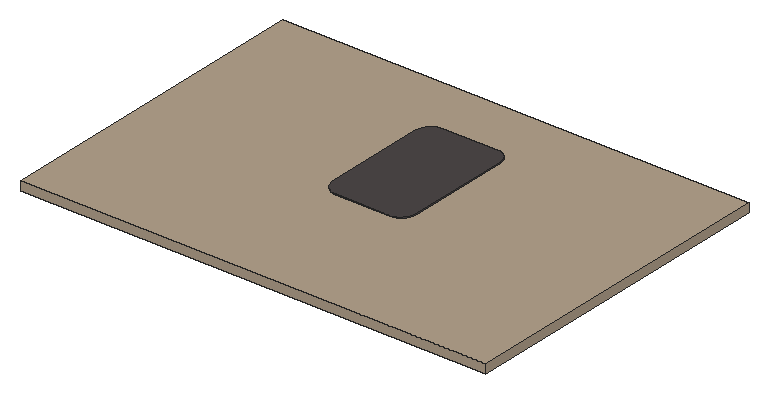
Revit family "console with cutout for bowl with tap hole", category Furniture, Revit 2019 (continued)
Types (40, lengths in mm): name | WEIGHT | SURFACE | SPECIFICATION | PRODUCTURL | PERMALINK | NB | NAME | Model | MIdent | LODLEVEL | LL | LINA | L | GTINCODE | Console 980_550 with cutout in the middle for bowl with tap hole-54121910-DIAMOND_GREY-400_RX0RY0RZ0TX0TY0TZ0_V | Console 980_550 with cutout in the middle for bowl with tap hole-54121910-DIAMOND_GREY-200_RX0RY0RZ0TX0TY0TZ0_V | Console 980_550 with cutout in the middle for bowl with tap hole-54121630-DARK_WALNUT-400_RX0RY0RZ0TX0TY0TZ0_V | Console 980_550 with cutout in the middle for bowl with tap hole-54121630-DARK_WALNUT-200_RX0RY0RZ0TX0TY0TZ0_V | Console 980_550 with cutout in the middle for bowl with tap hole-54121230-GLOSSY_WHITE-400_RX0RY0RZ0TX0TY0TZ0_V | Console 980_550 with cutout in the middle for bowl with tap hole-54121230-GLOSSY_WHITE-200_RX0RY0RZ0TX0TY0TZ0_V | Console 980_550 with cutout in the middle for bowl with tap hole-54121050-NATURAL_OAK-400_RX0RY0RZ0TX0TY0TZ0_V | Console 980_550 with cutout in the middle for bowl with tap hole-54121050-NATURAL_OAK-200_RX0RY0RZ0TX0TY0TZ0_V | Console 780_550 with cutout in the middle for bowls with tap hole-54120910-GLOSSY_WHITE-400_RX0RY0RZ0TX0TY0TZ0_V | Console 780_550 with cutout in the middle for bowls with tap hole-54120910-GLOSSY_WHITE-200_RX0RY0RZ0TX0TY0TZ0_V | Console 780_550 with cutout in the middle for bowls with tap hole-54120630-NATURAL_OAK-400_RX0RY0RZ0TX0TY0TZ0_V | Console 780_550 with cutout in the middle for bowls with tap hole-54120630-NATURAL_OAK-200_RX0RY0RZ0TX0TY0TZ0_V | Console 780_550 with cutout in the middle for bowls with tap hole-54120230-DIAMOND_GREY-400_RX0RY0RZ0TX0TY0TZ0_V | Console 780_550 with cutout in the middle for bowls with tap hole-54120230-DIAMOND_GREY-200_RX0RY0RZ0TX0TY0TZ0_V | Console 780_550 with cutout in the middle for bowls with tap hole-54120050-DARK_WALNUT-400_RX0RY0RZ0TX0TY0TZ0_V | Console 780_550 with cutout in the middle for bowls with tap hole-54120050-DARK_WALNUT-200_RX0RY0RZ0TX0TY0TZ0_V | Console 1360_550 with cutout right for bowl with tap hole-54124910-GLOSSY_WHITE-400_RX0RY0RZ0TX0TY0TZ0_V | Console 1360_550 with cutout right for bowl with tap hole-54124910-GLOSSY_WHITE-200_RX0RY0RZ0TX0TY0TZ0_V | Console 1360_550 with cutout right for bowl with tap hole-54124630-DARK_WALNUT-400_RX0RY0RZ0TX0TY0TZ0_V | Console 1360_550 with cutout right for bowl with tap hole-54124630-DARK_WALNUT-200_RX0RY0RZ0TX0TY0TZ0_V | Console 1360_550 with cutout right for bowl with tap hole-54124230-DIAMOND_GREY-400_RX0RY0RZ0TX0TY0TZ0_V | Console 1360_550 with cutout right for bowl with tap hole-54124230-DIAMOND_GREY-200_RX0RY0RZ0TX0TY0TZ0_V | Console 1360_550 with cutout right for bowl with tap hole-54124050-NATURAL_OAK-400_RX0RY0RZ0TX0TY0TZ0_V | Console 1360_550 with cutout right for bowl with tap hole-54124050-NATURAL_OAK-200_RX0RY0RZ0TX0TY0TZ0_V | Console 1360_550 with cutout left for bowl with tap hole-54123910-DARK_WALNUT-400_RX0RY0RZ0TX0TY0TZ0_V | Console 1360_550 with cutout left for bowl with tap hole-54123910-DARK_WALNUT-200_RX0RY0RZ0TX0TY0TZ0_V | Console 1360_550 with cutout left for bowl with tap hole-54123630-DIAMOND_GREY-400_RX0RY0RZ0TX0TY0TZ0_V | Console 1360_550 with cutout left for bowl with tap hole-54123630-DIAMOND_GREY-200_RX0RY0RZ0TX0TY0TZ0_V | Console 1360_550 with cutout left for bowl with tap hole-54123230-NATURAL_OAK-400_RX0RY0RZ0TX0TY0TZ0_V | Console 1360_550 with cutout left for bowl with tap hole-54123230-NATURAL_OAK-200_RX0RY0RZ0TX0TY0TZ0_V | Console 1360_550 with cutout left for bowl with tap hole-54123050-GLOSSY_WHITE-400_RX0RY0RZ0TX0TY0TZ0_V | Console 1360_550 with cutout left for bowl with tap hole-54123050-GLOSSY_WHITE-200_RX0RY0RZ0TX0TY0TZ0_V | Console 1180_550 with cutout in the middle for bowl with tap hole-54122910-DIAMOND_GREY-400_RX0RY0RZ0TX0TY0TZ0_V | Console 1180_550 with cutout in the middle for bowl with tap hole-54122910-DIAMOND_GREY-200_RX0RY0RZ0TX0TY0TZ0_V | Console 1180_550 with cutout in the middle for bowl with tap hole-54122630-DARK_WALNUT-400_RX0RY0RZ0TX0TY0TZ0_V | Console 1180_550 with cutout in the middle for bowl with tap hole-54122630-DARK_WALNUT-200_RX0RY0RZ0TX0TY0TZ0_V | Console 1180_550 with cutout in the middle for bowl with tap hole-54122230-NATURAL_OAK-400_RX0RY0RZ0TX0TY0TZ0_V | Console 1180_550 with cutout in the middle for bowl with tap hole-54122230-NATURAL_OAK-200_RX0RY0RZ0TX0TY0TZ0_V | Console 1180_550 with cutout in the middle for bowl with tap hole-54122050-GLOSSY_WHITE-400_RX0RY0RZ0TX0TY0TZ0_V | Console 1180_550 with cutout in the middle for bowl with tap hole-54122050-GLOSSY_WHITE-200_RX0RY0RZ0TX0TY0TZ0_V | BASENUMBER | ARTNR
  Console 1180_550 with cutout in the middle for bowl with tap hole-54122050-GLOSSY_WHITE-200 | "14.5" | "GLOSSY_WHITE" | "Surfaces:    - 54122050 High Gloss White  - 54122910 Diamond Matt Grey  - 54122230 Natural Oak  - 54122630 Dark Walnut      Specification:" | "https://pro.hansgrohe.com/articledetail--54122050" | "54122XXX" | "Console 1180/550 with cutout in the middle for bowl with tap hole-54122050-GLOSSY_WHITE-200" | "Xelu Q Console 1180/550 with cutout in the middle for bowl with tap hole" | "Console 1180/550 with cutout in the middle for bowl with tap hole-54122050-GLOSSY_WHITE-200" | "{$CADENAS_DATA/23d-libs/hansgrohe/xelu_furniture/console_with_cutout_for_bowl_with_tap_hole/console_with_cutout_for_bowl_with_taphole.prj},367 {VTYP=3D},{NB=Console 1180/550 with cutout in the middle for bowl with tap hole-54122050-GLOSSY_WHITE-200},{LINA=Console 1180/550 with cutout in the middle for bowl with tap hole-54122050-GLOSSY_WHITE-200},{NN=Console with cutout for bowl with tap hole},{DATE=10.03.2023 08:04:15},{GEOMDATE=08.03.2023 13:10:06},{VERSION=},{LINEID=120},{WBVAR=LODLEVEL},{WBNUMERIC=}  {NB=Console 1180/550 with cutout in the middle for bowl with tap hole-54122050-GLOSSY_WHITE-200},{LINA=Console 1180/550 with cutout in the middle for bowl with tap hole-54122050-GLOSSY_WHITE-200},{KT=DUMMY},{IDNR=12},{ARTNR=54122050},{BASENUMBER=Console 1180/550 with cutout in the middle for bowl with tap hole},{MODEL=54122XXX},{SURFACE=GLOSSY_WHITE},{L=1180},{LODLEVEL=200},{LODLEVELX='400','400','200','200'},{L1=140},{LL=590},{NAME=Xelu Q Console 1180/550 with cutout in the middle for bowl with tap hole},{PERMALINK=54122XXX},{OBJECTTYPE=Object (single object)},{BIMOBJECT=Sanitary: Compound units},{PRODUCTFAMILY=Xelu Q},{PRODUCTGROUP=console},{WEIGHT=14.5},{DESCRIPTION=Xelu Q Console 1180/550 with cutout in the middle for bowl with tap hole},{SPECIFICATION=Surfaces:    - 54122050 High Gloss White  - 54122910 Diamond Matt Grey  - 54122230 Natural Oak  - 54122630 Dark Walnut      Specification:},{PRODUCTURL=https://pro.hansgrohe.com/articledetail--54122050},{GTINCODE=4059625457979},{TENDERURL=},{IFC=Furnishing element},{ETIM=EC011381 | Bathroom furniture set},{UNICLASS2015=Pr_40_20_76_94 | Vanity units},{OMNICLASS=23-19 31 17 11 | Bathroom Units},{MASTERFORMAT=12 35 30.23 | Bathroom Casework},{UNSPSC=56 | Furniture and Furnishings},{UNIFORMATII=E2010 | Fixed Furnishings},{REGIONSET=Worldwide},{DESIGN=Germany},{MANUFACTURER=Germany}" | "200" | 590 | "Console 1180/550 with cutout in the middle for bowl with tap hole-54122050-GLOSSY_WHITE-200" | 1180 | "4059625457979" | no | no | no | no | no | no | no | no | no | no | no | no | no | no | no | no | no | no | no | no | no | no | no | no | no | no | no | no | no | no | no | no | no | no | no | no | no | no | no | yes | "Console 1180/550 with cutout in the middle for bowl with tap hole" | "54122050"
  Console 1180_550 with cutout in the middle for bowl with tap hole-54122050-GLOSSY_WHITE-400 | "14.5" | "GLOSSY_WHITE" | "Surfaces:    - 54122050 High Gloss White  - 54122910 Diamond Matt Grey  - 54122230 Natural Oak  - 54122630 Dark Walnut      Specification:" | "https://pro.hansgrohe.com/articledetail--54122050" | "54122XXX" | "Console 1180/550 with cutout in the middle for bowl with tap hole-54122050-GLOSSY_WHITE-400" | "Xelu Q Console 1180/550 with cutout in the middle for bowl with tap hole" | "Console 1180/550 with cutout in the middle for bowl with tap hole-54122050-GLOSSY_WHITE-400" | "{$CADENAS_DATA/23d-libs/hansgrohe/xelu_furniture/console_with_cutout_for_bowl_with_tap_hole/console_with_cutout_for_bowl_with_taphole.prj},367 {VTYP=3D},{NB=Console 1180/550 with cutout in the middle for bowl with tap hole-54122050-GLOSSY_WHITE-400},{LINA=Console 1180/550 with cutout in the middle for bowl with tap hole-54122050-GLOSSY_WHITE-400},{NN=Console with cutout for bowl with tap hole},{DATE=10.03.2023 08:04:15},{GEOMDATE=08.03.2023 13:10:06},{VERSION=},{LINEID=120},{WBVAR=LODLEVEL},{WBNUMERIC=}  {NB=Console 1180/550 with cutout in the middle for bowl with tap hole-54122050-GLOSSY_WHITE-400},{LINA=Console 1180/550 with cutout in the middle for bowl with tap hole-54122050-GLOSSY_WHITE-400},{KT=DUMMY},{IDNR=12},{ARTNR=54122050},{BASENUMBER=Console 1180/550 with cutout in the middle for bowl with tap hole},{MODEL=54122XXX},{SURFACE=GLOSSY_WHITE},{L=1180},{LODLEVEL=400},{LODLEVELX='400','400','200','200'},{L1=140},{LL=590},{NAME=Xelu Q Console 1180/550 with cutout in the middle for bowl with tap hole},{PERMALINK=54122XXX},{OBJECTTYPE=Object (single object)},{BIMOBJECT=Sanitary: Compound units},{PRODUCTFAMILY=Xelu Q},{PRODUCTGROUP=console},{WEIGHT=14.5},{DESCRIPTION=Xelu Q Console 1180/550 with cutout in the middle for bowl with tap hole},{SPECIFICATION=Surfaces:    - 54122050 High Gloss White  - 54122910 Diamond Matt Grey  - 54122230 Natural Oak  - 54122630 Dark Walnut      Specification:},{PRODUCTURL=https://pro.hansgrohe.com/articledetail--54122050},{GTINCODE=4059625457979},{TENDERURL=},{IFC=Furnishing element},{ETIM=EC011381 | Bathroom furniture set},{UNICLASS2015=Pr_40_20_76_94 | Vanity units},{OMNICLASS=23-19 31 17 11 | Bathroom Units},{MASTERFORMAT=12 35 30.23 | Bathroom Casework},{UNSPSC=56 | Furniture and Furnishings},{UNIFORMATII=E2010 | Fixed Furnishings},{REGIONSET=Worldwide},{DESIGN=Germany},{MANUFACTURER=Germany}" | "400" | 590 | "Console 1180/550 with cutout in the middle for bowl with tap hole-54122050-GLOSSY_WHITE-400" | 1180 | "4059625457979" | no | no | no | no | no | no | no | no | no | no | no | no | no | no | no | no | no | no | no | no | no | no | no | no | no | no | no | no | no | no | no | no | no | no | no | no | no | no | yes | no | "Console 1180/550 with cutout in the middle for bowl with tap hole" | "54122050"
  Console 1180_550 with cutout in the middle for bowl with tap hole-54122230-NATURAL_OAK-200 | "14.5" | "NATURAL_OAK" | "Surfaces:    - 54122050 High Gloss White  - 54122910 Diamond Matt Grey  - 54122230 Natural Oak  - 54122630 Dark Walnut      Specification:" | "https://pro.hansgrohe.com/articledetail--54122050" | "54122XXX" | "Console 1180/550 with cutout in the middle for bowl with tap hole-54122230-NATURAL_OAK-200" | "Xelu Q Console 1180/550 with cutout in the middle for bowl with tap hole" | "Console 1180/550 with cutout in the middle for bowl with tap hole-54122230-NATURAL_OAK-200" | "{$CADENAS_DATA/23d-libs/hansgrohe/xelu_furniture/console_with_cutout_for_bowl_with_tap_hole/console_with_cutout_for_bowl_with_taphole.prj},365 {VTYP=3D},{NB=Console 1180/550 with cutout in the middle for bowl with tap hole-54122230-NATURAL_OAK-200},{LINA=Console 1180/550 with cutout in the middle for bowl with tap hole-54122230-NATURAL_OAK-200},{NN=Console with cutout for bowl with tap hole},{DATE=10.03.2023 08:04:15},{GEOMDATE=08.03.2023 13:10:06},{VERSION=},{LINEID=100},{WBVAR=LODLEVEL},{WBNUMERIC=}  {NB=Console 1180/550 with cutout in the middle for bowl with tap hole-54122230-NATURAL_OAK-200},{LINA=Console 1180/550 with cutout in the middle for bowl with tap hole-54122230-NATURAL_OAK-200},{KT=DUMMY},{IDNR=10},{ARTNR=54122230},{BASENUMBER=Console 1180/550 with cutout in the middle for bowl with tap hole},{MODEL=54122XXX},{SURFACE=NATURAL_OAK},{L=1180},{LODLEVEL=200},{LODLEVELX='400','400','200','200'},{L1=140},{LL=590},{NAME=Xelu Q Console 1180/550 with cutout in the middle for bowl with tap hole},{PERMALINK=54122XXX},{OBJECTTYPE=Object (single object)},{BIMOBJECT=Sanitary: Compound units},{PRODUCTFAMILY=Xelu Q},{PRODUCTGROUP=console},{WEIGHT=14.5},{DESCRIPTION=Xelu Q Console 1180/550 with cutout in the middle for bowl with tap hole},{SPECIFICATION=Surfaces:    - 54122050 High Gloss White  - 54122910 Diamond Matt Grey  - 54122230 Natural Oak  - 54122630 Dark Walnut      Specification:},{PRODUCTURL=https://pro.hansgrohe.com/articledetail--54122050},{GTINCODE=4059625457979},{TENDERURL=},{IFC=Furnishing element},{ETIM=EC011381 | Bathroom furniture set},{UNICLASS2015=Pr_40_20_76_94 | Vanity units},{OMNICLASS=23-19 31 17 11 | Bathroom Units},{MASTERFORMAT=12 35 30.23 | Bathroom Casework},{UNSPSC=56 | Furniture and Furnishings},{UNIFORMATII=E2010 | Fixed Furnishings},{REGIONSET=Worldwide},{DESIGN=Germany},{MANUFACTURER=Germany}" | "200" | 590 | "Console 1180/550 with cutout in the middle for bowl with tap hole-54122230-NATURAL_OAK-200" | 1180 | "4059625457979" | no | no | no | no | no | no | no | no | no | no | no | no | no | no | no | no | no | no | no | no | no | no | no | no | no | no | no | no | no | no | no | no | no | no | no | no | no | yes | no | no | "Console 1180/550 with cutout in the middle for bowl with tap hole" | "54122230"
  Console 1180_550 with cutout in the middle for bowl with tap hole-54122230-NATURAL_OAK-400 | "14.5" | "NATURAL_OAK" | "Surfaces:    - 54122050 High Gloss White  - 54122910 Diamond Matt Grey  - 54122230 Natural Oak  - 54122630 Dark Walnut      Specification:" | "https://pro.hansgrohe.com/articledetail--54122050" | "54122XXX" | "Console 1180/550 with cutout in the middle for bowl with tap hole-54122230-NATURAL_OAK-400" | "Xelu Q Console 1180/550 with cutout in the middle for bowl with tap hole" | "Console 1180/550 with cutout in the middle for bowl with tap hole-54122230-NATURAL_OAK-400" | "{$CADENAS_DATA/23d-libs/hansgrohe/xelu_furniture/console_with_cutout_for_bowl_with_tap_hole/console_with_cutout_for_bowl_with_taphole.prj},365 {VTYP=3D},{NB=Console 1180/550 with cutout in the middle for bowl with tap hole-54122230-NATURAL_OAK-400},{LINA=Console 1180/550 with cutout in the middle for bowl with tap hole-54122230-NATURAL_OAK-400},{NN=Console with cutout for bowl with tap hole},{DATE=10.03.2023 08:04:15},{GEOMDATE=08.03.2023 13:10:06},{VERSION=},{LINEID=100},{WBVAR=LODLEVEL},{WBNUMERIC=}  {NB=Console 1180/550 with cutout in the middle for bowl with tap hole-54122230-NATURAL_OAK-400},{LINA=Console 1180/550 with cutout in the middle for bowl with tap hole-54122230-NATURAL_OAK-400},{KT=DUMMY},{IDNR=10},{ARTNR=54122230},{BASENUMBER=Console 1180/550 with cutout in the middle for bowl with tap hole},{MODEL=54122XXX},{SURFACE=NATURAL_OAK},{L=1180},{LODLEVEL=400},{LODLEVELX='400','400','200','200'},{L1=140},{LL=590},{NAME=Xelu Q Console 1180/550 with cutout in the middle for bowl with tap hole},{PERMALINK=54122XXX},{OBJECTTYPE=Object (single object)},{BIMOBJECT=Sanitary: Compound units},{PRODUCTFAMILY=Xelu Q},{PRODUCTGROUP=console},{WEIGHT=14.5},{DESCRIPTION=Xelu Q Console 1180/550 with cutout in the middle for bowl with tap hole},{SPECIFICATION=Surfaces:    - 54122050 High Gloss White  - 54122910 Diamond Matt Grey  - 54122230 Natural Oak  - 54122630 Dark Walnut      Specification:},{PRODUCTURL=https://pro.hansgrohe.com/articledetail--54122050},{GTINCODE=4059625457979},{TENDERURL=},{IFC=Furnishing element},{ETIM=EC011381 | Bathroom furniture set},{UNICLASS2015=Pr_40_20_76_94 | Vanity units},{OMNICLASS=23-19 31 17 11 | Bathroom Units},{MASTERFORMAT=12 35 30.23 | Bathroom Casework},{UNSPSC=56 | Furniture and Furnishings},{UNIFORMATII=E2010 | Fixed Furnishings},{REGIONSET=Worldwide},{DESIGN=Germany},{MANUFACTURER=Germany}" | "400" | 590 | "Console 1180/550 with cutout in the middle for bowl with tap hole-54122230-NATURAL_OAK-400" | 1180 | "4059625457979" | no | no | no | no | no | no | no | no | no | no | no | no | no | no | no | no | no | no | no | no | no | no | no | no | no | no | no | no | no | no | no | no | no | no | no | no | yes | no | no | no | "Console 1180/550 with cutout in the middle for bowl with tap hole" | "54122230"
  Console 1180_550 with cutout in the middle for bowl with tap hole-54122630-DARK_WALNUT-200 | "14.5" | "DARK_WALNUT" | "Surfaces:    - 54122050 High Gloss White  - 54122910 Diamond Matt Grey  - 54122230 Natural Oak  - 54122630 Dark Walnut      Specification:" | "https://pro.hansgrohe.com/articledetail--54122050" | "54122XXX" | "Console 1180/550 with cutout in the middle for bowl with tap hole-54122630-DARK_WALNUT-200" | "Xelu Q Console 1180/550 with cutout in the middle for bowl with tap hole" | "Console 1180/550 with cutout in the middle for bowl with tap hole-54122630-DARK_WALNUT-200" | "{$CADENAS_DATA/23d-libs/hansgrohe/xelu_furniture/console_with_cutout_for_bowl_with_tap_hole/console_with_cutout_for_bowl_with_taphole.prj},364 {VTYP=3D},{NB=Console 1180/550 with cutout in the middle for bowl with tap hole-54122630-DARK_WALNUT-200},{LINA=Console 1180/550 with cutout in the middle for bowl with tap hole-54122630-DARK_WALNUT-200},{NN=Console with cutout for bowl with tap hole},{DATE=10.03.2023 08:04:15},{GEOMDATE=08.03.2023 13:10:06},{VERSION=},{LINEID=90},{WBVAR=LODLEVEL},{WBNUMERIC=}  {NB=Console 1180/550 with cutout in the middle for bowl with tap hole-54122630-DARK_WALNUT-200},{LINA=Console 1180/550 with cutout in the middle for bowl with tap hole-54122630-DARK_WALNUT-200},{KT=DUMMY},{IDNR=9},{ARTNR=54122630},{BASENUMBER=Console 1180/550 with cutout in the middle for bowl with tap hole},{MODEL=54122XXX},{SURFACE=DARK_WALNUT},{L=1180},{LODLEVEL=200},{LODLEVELX='400','400','200','200'},{L1=140},{LL=590},{NAME=Xelu Q Console 1180/550 with cutout in the middle for bowl with tap hole},{PERMALINK=54122XXX},{OBJECTTYPE=Object (single object)},{BIMOBJECT=Sanitary: Compound units},{PRODUCTFAMILY=Xelu Q},{PRODUCTGROUP=console},{WEIGHT=14.5},{DESCRIPTION=Xelu Q Console 1180/550 with cutout in the middle for bowl with tap hole},{SPECIFICATION=Surfaces:    - 54122050 High Gloss White  - 54122910 Diamond Matt Grey  - 54122230 Natural Oak  - 54122630 Dark Walnut      Specification:},{PRODUCTURL=https://pro.hansgrohe.com/articledetail--54122050},{GTINCODE=4059625457979},{TENDERURL=},{IFC=Furnishing element},{ETIM=EC011381 | Bathroom furniture set},{UNICLASS2015=Pr_40_20_76_94 | Vanity units},{OMNICLASS=23-19 31 17 11 | Bathroom Units},{MASTERFORMAT=12 35 30.23 | Bathroom Casework},{UNSPSC=56 | Furniture and Furnishings},{UNIFORMATII=E2010 | Fixed Furnishings},{REGIONSET=Worldwide},{DESIGN=Germany},{MANUFACTURER=Germany}" | "200" | 590 | "Console 1180/550 with cutout in the middle for bowl with tap hole-54122630-DARK_WALNUT-200" | 1180 | "4059625457979" | no | no | no | no | no | no | no | no | no | no | no | no | no | no | no | no | no | no | no | no | no | no | no | no | no | no | no | no | no | no | no | no | no | no | no | yes | no | no | no | no | "Console 1180/550 with cutout in the middle for bowl with tap hole" | "54122630"
  Console 1180_550 with cutout in the middle for bowl with tap hole-54122630-DARK_WALNUT-400 | "14.5" | "DARK_WALNUT" | "Surfaces:    - 54122050 High Gloss White  - 54122910 Diamond Matt Grey  - 54122230 Natural Oak  - 54122630 Dark Walnut      Specification:" | "https://pro.hansgrohe.com/articledetail--54122050" | "54122XXX" | "Console 1180/550 with cutout in the middle for bowl with tap hole-54122630-DARK_WALNUT-400" | "Xelu Q Console 1180/550 with cutout in the middle for bowl with tap hole" | "Console 1180/550 with cutout in the middle for bowl with tap hole-54122630-DARK_WALNUT-400" | "{$CADENAS_DATA/23d-libs/hansgrohe/xelu_furniture/console_with_cutout_for_bowl_with_tap_hole/console_with_cutout_for_bowl_with_taphole.prj},364 {VTYP=3D},{NB=Console 1180/550 with cutout in the middle for bowl with tap hole-54122630-DARK_WALNUT-400},{LINA=Console 1180/550 with cutout in the middle for bowl with tap hole-54122630-DARK_WALNUT-400},{NN=Console with cutout for bowl with tap hole},{DATE=10.03.2023 08:04:15},{GEOMDATE=08.03.2023 13:10:06},{VERSION=},{LINEID=90},{WBVAR=LODLEVEL},{WBNUMERIC=}  {NB=Console 1180/550 with cutout in the middle for bowl with tap hole-54122630-DARK_WALNUT-400},{LINA=Console 1180/550 with cutout in the middle for bowl with tap hole-54122630-DARK_WALNUT-400},{KT=DUMMY},{IDNR=9},{ARTNR=54122630},{BASENUMBER=Console 1180/550 with cutout in the middle for bowl with tap hole},{MODEL=54122XXX},{SURFACE=DARK_WALNUT},{L=1180},{LODLEVEL=400},{LODLEVELX='400','400','200','200'},{L1=140},{LL=590},{NAME=Xelu Q Console 1180/550 with cutout in the middle for bowl with tap hole},{PERMALINK=54122XXX},{OBJECTTYPE=Object (single object)},{BIMOBJECT=Sanitary: Compound units},{PRODUCTFAMILY=Xelu Q},{PRODUCTGROUP=console},{WEIGHT=14.5},{DESCRIPTION=Xelu Q Console 1180/550 with cutout in the middle for bowl with tap hole},{SPECIFICATION=Surfaces:    - 54122050 High Gloss White  - 54122910 Diamond Matt Grey  - 54122230 Natural Oak  - 54122630 Dark Walnut      Specification:},{PRODUCTURL=https://pro.hansgrohe.com/articledetail--54122050},{GTINCODE=4059625457979},{TENDERURL=},{IFC=Furnishing element},{ETIM=EC011381 | Bathroom furniture set},{UNICLASS2015=Pr_40_20_76_94 | Vanity units},{OMNICLASS=23-19 31 17 11 | Bathroom Units},{MASTERFORMAT=12 35 30.23 | Bathroom Casework},{UNSPSC=56 | Furniture and Furnishings},{UNIFORMATII=E2010 | Fixed Furnishings},{REGIONSET=Worldwide},{DESIGN=Germany},{MANUFACTURER=Germany}" | "400" | 590 | "Console 1180/550 with cutout in the middle for bowl with tap hole-54122630-DARK_WALNUT-400" | 1180 | "4059625457979" | no | no | no | no | no | no | no | no | no | no | no | no | no | no | no | no | no | no | no | no | no | no | no | no | no | no | no | no | no | no | no | no | no | no | yes | no | no | no | no | no | "Console 1180/550 with cutout in the middle for bowl with tap hole" | "54122630"
  Console 1180_550 with cutout in the middle for bowl with tap hole-54122910-DIAMOND_GREY-200 | "14.5" | "DIAMOND_GREY" | "Surfaces:    - 54122050 High Gloss White  - 54122910 Diamond Matt Grey  - 54122230 Natural Oak  - 54122630 Dark Walnut      Specification:" | "https://pro.hansgrohe.com/articledetail--54122050" | "54122XXX" | "Console 1180/550 with cutout in the middle for bowl with tap hole-54122910-DIAMOND_GREY-200" | "Xelu Q Console 1180/550 with cutout in the middle for bowl with tap hole" | "Console 1180/550 with cutout in the middle for bowl with tap hole-54122910-DIAMOND_GREY-200" | "{$CADENAS_DATA/23d-libs/hansgrohe/xelu_furniture/console_with_cutout_for_bowl_with_tap_hole/console_with_cutout_for_bowl_with_taphole.prj},367 {VTYP=3D},{NB=Console 1180/550 with cutout in the middle for bowl with tap hole-54122910-DIAMOND_GREY-200},{LINA=Console 1180/550 with cutout in the middle for bowl with tap hole-54122910-DIAMOND_GREY-200},{NN=Console with cutout for bowl with tap hole},{DATE=10.03.2023 08:04:15},{GEOMDATE=08.03.2023 13:10:06},{VERSION=},{LINEID=110},{WBVAR=LODLEVEL},{WBNUMERIC=}  {NB=Console 1180/550 with cutout in the middle for bowl with tap hole-54122910-DIAMOND_GREY-200},{LINA=Console 1180/550 with cutout in the middle for bowl with tap hole-54122910-DIAMOND_GREY-200},{KT=DUMMY},{IDNR=11},{ARTNR=54122910},{BASENUMBER=Console 1180/550 with cutout in the middle for bowl with tap hole},{MODEL=54122XXX},{SURFACE=DIAMOND_GREY},{L=1180},{LODLEVEL=200},{LODLEVELX='400','400','200','200'},{L1=140},{LL=590},{NAME=Xelu Q Console 1180/550 with cutout in the middle for bowl with tap hole},{PERMALINK=54122XXX},{OBJECTTYPE=Object (single object)},{BIMOBJECT=Sanitary: Compound units},{PRODUCTFAMILY=Xelu Q},{PRODUCTGROUP=console},{WEIGHT=14.5},{DESCRIPTION=Xelu Q Console 1180/550 with cutout in the middle for bowl with tap hole},{SPECIFICATION=Surfaces:    - 54122050 High Gloss White  - 54122910 Diamond Matt Grey  - 54122230 Natural Oak  - 54122630 Dark Walnut      Specification:},{PRODUCTURL=https://pro.hansgrohe.com/articledetail--54122050},{GTINCODE=4059625457979},{TENDERURL=},{IFC=Furnishing element},{ETIM=EC011381 | Bathroom furniture set},{UNICLASS2015=Pr_40_20_76_94 | Vanity units},{OMNICLASS=23-19 31 17 11 | Bathroom Units},{MASTERFORMAT=12 35 30.23 | Bathroom Casework},{UNSPSC=56 | Furniture and Furnishings},{UNIFORMATII=E2010 | Fixed Furnishings},{REGIONSET=Worldwide},{DESIGN=Germany},{MANUFACTURER=Germany}" | "200" | 590 | "Console 1180/550 with cutout in the middle for bowl with tap hole-54122910-DIAMOND_GREY-200" | 1180 | "4059625457979" | no | no | no | no | no | no | no | no | no | no | no | no | no | no | no | no | no | no | no | no | no | no | no | no | no | no | no | no | no | no | no | no | no | yes | no | no | no | no | no | no | "Console 1180/550 with cutout in the middle for bowl with tap hole" | "54122910"
  Console 1180_550 with cutout in the middle for bowl with tap hole-54122910-DIAMOND_GREY-400 | "14.5" | "DIAMOND_GREY" | "Surfaces:    - 54122050 High Gloss White  - 54122910 Diamond Matt Grey  - 54122230 Natural Oak  - 54122630 Dark Walnut      Specification:" | "https://pro.hansgrohe.com/articledetail--54122050" | "54122XXX" | "Console 1180/550 with cutout in the middle for bowl with tap hole-54122910-DIAMOND_GREY-400" | "Xelu Q Console 1180/550 with cutout in the middle for bowl with tap hole" | "Console 1180/550 with cutout in the middle for bowl with tap hole-54122910-DIAMOND_GREY-400" | "{$CADENAS_DATA/23d-libs/hansgrohe/xelu_furniture/console_with_cutout_for_bowl_with_tap_hole/console_with_cutout_for_bowl_with_taphole.prj},367 {VTYP=3D},{NB=Console 1180/550 with cutout in the middle for bowl with tap hole-54122910-DIAMOND_GREY-400},{LINA=Console 1180/550 with cutout in the middle for bowl with tap hole-54122910-DIAMOND_GREY-400},{NN=Console with cutout for bowl with tap hole},{DATE=10.03.2023 08:04:15},{GEOMDATE=08.03.2023 13:10:06},{VERSION=},{LINEID=110},{WBVAR=LODLEVEL},{WBNUMERIC=}  {NB=Console 1180/550 with cutout in the middle for bowl with tap hole-54122910-DIAMOND_GREY-400},{LINA=Console 1180/550 with cutout in the middle for bowl with tap hole-54122910-DIAMOND_GREY-400},{KT=DUMMY},{IDNR=11},{ARTNR=54122910},{BASENUMBER=Console 1180/550 with cutout in the middle for bowl with tap hole},{MODEL=54122XXX},{SURFACE=DIAMOND_GREY},{L=1180},{LODLEVEL=400},{LODLEVELX='400','400','200','200'},{L1=140},{LL=590},{NAME=Xelu Q Console 1180/550 with cutout in the middle for bowl with tap hole},{PERMALINK=54122XXX},{OBJECTTYPE=Object (single object)},{BIMOBJECT=Sanitary: Compound units},{PRODUCTFAMILY=Xelu Q},{PRODUCTGROUP=console},{WEIGHT=14.5},{DESCRIPTION=Xelu Q Console 1180/550 with cutout in the middle for bowl with tap hole},{SPECIFICATION=Surfaces:    - 54122050 High Gloss White  - 54122910 Diamond Matt Grey  - 54122230 Natural Oak  - 54122630 Dark Walnut      Specification:},{PRODUCTURL=https://pro.hansgrohe.com/articledetail--54122050},{GTINCODE=4059625457979},{TENDERURL=},{IFC=Furnishing element},{ETIM=EC011381 | Bathroom furniture set},{UNICLASS2015=Pr_40_20_76_94 | Vanity units},{OMNICLASS=23-19 31 17 11 | Bathroom Units},{MASTERFORMAT=12 35 30.23 | Bathroom Casework},{UNSPSC=56 | Furniture and Furnishings},{UNIFORMATII=E2010 | Fixed Furnishings},{REGIONSET=Worldwide},{DESIGN=Germany},{MANUFACTURER=Germany}" | "400" | 590 | "Console 1180/550 with cutout in the middle for bowl with tap hole-54122910-DIAMOND_GREY-400" | 1180 | "4059625457979" | no | no | no | no | no | no | no | no | no | no | no | no | no | no | no | no | no | no | no | no | no | no | no | no | no | no | no | no | no | no | no | no | yes | no | no | no | no | no | no | no | "Console 1180/550 with cutout in the middle for bowl with tap hole" | "54122910"
  Console 1360_550 with cutout left for bowl with tap hole-54123050-GLOSSY_WHITE-200 | "12.2" | "GLOSSY_WHITE" | "Surfaces:    - 54123050 High Gloss White  - 54123910 Diamond Matt Grey  - 54123230 Natural Oak  - 54123630 Dark Walnut      Specification:" | "https://pro.hansgrohe.com/articledetail--54123050" | "54123XXX" | "Console 1360/550 with cutout left for bowl with tap hole-54123050-GLOSSY_WHITE-200" | "Xelu Q Console 1360/550 with cutout left for bowl with tap hole" | "Console 1360/550 with cutout left for bowl with tap hole-54123050-GLOSSY_WHITE-200" | "{$CADENAS_DATA/23d-libs/hansgrohe/xelu_furniture/console_with_cutout_for_bowl_with_tap_hole/console_with_cutout_for_bowl_with_taphole.prj},349 {VTYP=3D},{NB=Console 1360/550 with cutout left for bowl with tap hole-54123050-GLOSSY_WHITE-200},{LINA=Console 1360/550 with cutout left for bowl with tap hole-54123050-GLOSSY_WHITE-200},{NN=Console with cutout for bowl with tap hole},{DATE=10.03.2023 08:04:15},{GEOMDATE=08.03.2023 13:10:06},{VERSION=},{LINEID=160},{WBVAR=LODLEVEL},{WBNUMERIC=}  {NB=Console 1360/550 with cutout left for bowl with tap hole-54123050-GLOSSY_WHITE-200},{LINA=Console 1360/550 with cutout left for bowl with tap hole-54123050-GLOSSY_WHITE-200},{KT=DUMMY},{IDNR=16},{ARTNR=54123050},{BASENUMBER=Console 1360/550 with cutout left for bowl with tap hole},{MODEL=54123XXX},{SURFACE=GLOSSY_WHITE},{L=1360},{LODLEVEL=200},{LODLEVELX='400','400','200','200'},{L1=140},{LL=340},{NAME=Xelu Q Console 1360/550 with cutout left for bowl with tap hole},{PERMALINK=54123XXX},{OBJECTTYPE=Object (single object)},{BIMOBJECT=Sanitary: Compound units},{PRODUCTFAMILY=Xelu Q},{PRODUCTGROUP=console},{WEIGHT=12.2},{DESCRIPTION=Xelu Q Console 1360/550 with cutout left for bowl with tap hole},{SPECIFICATION=Surfaces:    - 54123050 High Gloss White  - 54123910 Diamond Matt Grey  - 54123230 Natural Oak  - 54123630 Dark Walnut      Specification:},{PRODUCTURL=https://pro.hansgrohe.com/articledetail--54123050},{GTINCODE=4059625457931},{TENDERURL=},{IFC=Furnishing element},{ETIM=EC011381 | Bathroom furniture set},{UNICLASS2015=Pr_40_20_76_94 | Vanity units},{OMNICLASS=23-19 31 17 11 | Bathroom Units},{MASTERFORMAT=12 35 30.23 | Bathroom Casework},{UNSPSC=56 | Furniture and Furnishings},{UNIFORMATII=E2010 | Fixed Furnishings},{REGIONSET=Worldwide},{DESIGN=Germany},{MANUFACTURER=Germany}" | "200" | 340 | "Console 1360/550 with cutout left for bowl with tap hole-54123050-GLOSSY_WHITE-200" | 1360 | "4059625457931" | no | no | no | no | no | no | no | no | no | no | no | no | no | no | no | no | no | no | no | no | no | no | no | no | no | no | no | no | no | no | no | yes | no | no | no | no | no | no | no | no | "Console 1360/550 with cutout left for bowl with tap hole" | "54123050"
  Console 1360_550 with cutout left for bowl with tap hole-54123050-GLOSSY_WHITE-400 | "12.2" | "GLOSSY_WHITE" | "Surfaces:    - 54123050 High Gloss White  - 54123910 Diamond Matt Grey  - 54123230 Natural Oak  - 54123630 Dark Walnut      Specification:" | "https://pro.hansgrohe.com/articledetail--54123050" | "54123XXX" | "Console 1360/550 with cutout left for bowl with tap hole-54123050-GLOSSY_WHITE-400" | "Xelu Q Console 1360/550 with cutout left for bowl with tap hole" | "Console 1360/550 with cutout left for bowl with tap hole-54123050-GLOSSY_WHITE-400" | "{$CADENAS_DATA/23d-libs/hansgrohe/xelu_furniture/console_with_cutout_for_bowl_with_tap_hole/console_with_cutout_for_bowl_with_taphole.prj},349 {VTYP=3D},{NB=Console 1360/550 with cutout left for bowl with tap hole-54123050-GLOSSY_WHITE-400},{LINA=Console 1360/550 with cutout left for bowl with tap hole-54123050-GLOSSY_WHITE-400},{NN=Console with cutout for bowl with tap hole},{DATE=10.03.2023 08:04:15},{GEOMDATE=08.03.2023 13:10:06},{VERSION=},{LINEID=160},{WBVAR=LODLEVEL},{WBNUMERIC=}  {NB=Console 1360/550 with cutout left for bowl with tap hole-54123050-GLOSSY_WHITE-400},{LINA=Console 1360/550 with cutout left for bowl with tap hole-54123050-GLOSSY_WHITE-400},{KT=DUMMY},{IDNR=16},{ARTNR=54123050},{BASENUMBER=Console 1360/550 with cutout left for bowl with tap hole},{MODEL=54123XXX},{SURFACE=GLOSSY_WHITE},{L=1360},{LODLEVEL=400},{LODLEVELX='400','400','200','200'},{L1=140},{LL=340},{NAME=Xelu Q Console 1360/550 with cutout left for bowl with tap hole},{PERMALINK=54123XXX},{OBJECTTYPE=Object (single object)},{BIMOBJECT=Sanitary: Compound units},{PRODUCTFAMILY=Xelu Q},{PRODUCTGROUP=console},{WEIGHT=12.2},{DESCRIPTION=Xelu Q Console 1360/550 with cutout left for bowl with tap hole},{SPECIFICATION=Surfaces:    - 54123050 High Gloss White  - 54123910 Diamond Matt Grey  - 54123230 Natural Oak  - 54123630 Dark Walnut      Specification:},{PRODUCTURL=https://pro.hansgrohe.com/articledetail--54123050},{GTINCODE=4059625457931},{TENDERURL=},{IFC=Furnishing element},{ETIM=EC011381 | Bathroom furniture set},{UNICLASS2015=Pr_40_20_76_94 | Vanity units},{OMNICLASS=23-19 31 17 11 | Bathroom Units},{MASTERFORMAT=12 35 30.23 | Bathroom Casework},{UNSPSC=56 | Furniture and Furnishings},{UNIFORMATII=E2010 | Fixed Furnishings},{REGIONSET=Worldwide},{DESIGN=Germany},{MANUFACTURER=Germany}" | "400" | 340 | "Console 1360/550 with cutout left for bowl with tap hole-54123050-GLOSSY_WHITE-400" | 1360 | "4059625457931" | no | no | no | no | no | no | no | no | no | no | no | no | no | no | no | no | no | no | no | no | no | no | no | no | no | no | no | no | no | no | yes | no | no | no | no | no | no | no | no | no | "Console 1360/550 with cutout left for bowl with tap hole" | "54123050"
  Console 1360_550 with cutout left for bowl with tap hole-54123230-NATURAL_OAK-200 | "12.2" | "NATURAL_OAK" | "Surfaces:    - 54123050 High Gloss White  - 54123910 Diamond Matt Grey  - 54123230 Natural Oak  - 54123630 Dark Walnut      Specification:" | "https://pro.hansgrohe.com/articledetail--54123050" | "54123XXX" | "Console 1360/550 with cutout left for bowl with tap hole-54123230-NATURAL_OAK-200" | "Xelu Q Console 1360/550 with cutout left for bowl with tap hole" | "Console 1360/550 with cutout left for bowl with tap hole-54123230-NATURAL_OAK-200" | "{$CADENAS_DATA/23d-libs/hansgrohe/xelu_furniture/console_with_cutout_for_bowl_with_tap_hole/console_with_cutout_for_bowl_with_taphole.prj},347 {VTYP=3D},{NB=Console 1360/550 with cutout left for bowl with tap hole-54123230-NATURAL_OAK-200},{LINA=Console 1360/550 with cutout left for bowl with tap hole-54123230-NATURAL_OAK-200},{NN=Console with cutout for bowl with tap hole},{DATE=10.03.2023 08:04:15},{GEOMDATE=08.03.2023 13:10:06},{VERSION=},{LINEID=150},{WBVAR=LODLEVEL},{WBNUMERIC=}  {NB=Console 1360/550 with cutout left for bowl with tap hole-54123230-NATURAL_OAK-200},{LINA=Console 1360/550 with cutout left for bowl with tap hole-54123230-NATURAL_OAK-200},{KT=DUMMY},{IDNR=15},{ARTNR=54123230},{BASENUMBER=Console 1360/550 with cutout left for bowl with tap hole},{MODEL=54123XXX},{SURFACE=NATURAL_OAK},{L=1360},{LODLEVEL=200},{LODLEVELX='400','400','200','200'},{L1=140},{LL=340},{NAME=Xelu Q Console 1360/550 with cutout left for bowl with tap hole},{PERMALINK=54123XXX},{OBJECTTYPE=Object (single object)},{BIMOBJECT=Sanitary: Compound units},{PRODUCTFAMILY=Xelu Q},{PRODUCTGROUP=console},{WEIGHT=12.2},{DESCRIPTION=Xelu Q Console 1360/550 with cutout left for bowl with tap hole},{SPECIFICATION=Surfaces:    - 54123050 High Gloss White  - 54123910 Diamond Matt Grey  - 54123230 Natural Oak  - 54123630 Dark Walnut      Specification:},{PRODUCTURL=https://pro.hansgrohe.com/articledetail--54123050},{GTINCODE=4059625457931},{TENDERURL=},{IFC=Furnishing element},{ETIM=EC011381 | Bathroom furniture set},{UNICLASS2015=Pr_40_20_76_94 | Vanity units},{OMNICLASS=23-19 31 17 11 | Bathroom Units},{MASTERFORMAT=12 35 30.23 | Bathroom Casework},{UNSPSC=56 | Furniture and Furnishings},{UNIFORMATII=E2010 | Fixed Furnishings},{REGIONSET=Worldwide},{DESIGN=Germany},{MANUFACTURER=Germany}" | "200" | 340 | "Console 1360/550 with cutout left for bowl with tap hole-54123230-NATURAL_OAK-200" | 1360 | "4059625457931" | no | no | no | no | no | no | no | no | no | no | no | no | no | no | no | no | no | no | no | no | no | no | no | no | no | no | no | no | no | yes | no | no | no | no | no | no | no | no | no | no | "Console 1360/550 with cutout left for bowl with tap hole" | "54123230"
  Console 1360_550 with cutout left for bowl with tap hole-54123230-NATURAL_OAK-400 | "12.2" | "NATURAL_OAK" | "Surfaces:    - 54123050 High Gloss White  - 54123910 Diamond Matt Grey  - 54123230 Natural Oak  - 54123630 Dark Walnut      Specification:" | "https://pro.hansgrohe.com/articledetail--54123050" | "54123XXX" | "Console 1360/550 with cutout left for bowl with tap hole-54123230-NATURAL_OAK-400" | "Xelu Q Console 1360/550 with cutout left for bowl with tap hole" | "Console 1360/550 with cutout left for bowl with tap hole-54123230-NATURAL_OAK-400" | "{$CADENAS_DATA/23d-libs/hansgrohe/xelu_furniture/console_with_cutout_for_bowl_with_tap_hole/console_with_cutout_for_bowl_with_taphole.prj},347 {VTYP=3D},{NB=Console 1360/550 with cutout left for bowl with tap hole-54123230-NATURAL_OAK-400},{LINA=Console 1360/550 with cutout left for bowl with tap hole-54123230-NATURAL_OAK-400},{NN=Console with cutout for bowl with tap hole},{DATE=10.03.2023 08:04:15},{GEOMDATE=08.03.2023 13:10:06},{VERSION=},{LINEID=150},{WBVAR=LODLEVEL},{WBNUMERIC=}  {NB=Console 1360/550 with cutout left for bowl with tap hole-54123230-NATURAL_OAK-400},{LINA=Console 1360/550 with cutout left for bowl with tap hole-54123230-NATURAL_OAK-400},{KT=DUMMY},{IDNR=15},{ARTNR=54123230},{BASENUMBER=Console 1360/550 with cutout left for bowl with tap hole},{MODEL=54123XXX},{SURFACE=NATURAL_OAK},{L=1360},{LODLEVEL=400},{LODLEVELX='400','400','200','200'},{L1=140},{LL=340},{NAME=Xelu Q Console 1360/550 with cutout left for bowl with tap hole},{PERMALINK=54123XXX},{OBJECTTYPE=Object (single object)},{BIMOBJECT=Sanitary: Compound units},{PRODUCTFAMILY=Xelu Q},{PRODUCTGROUP=console},{WEIGHT=12.2},{DESCRIPTION=Xelu Q Console 1360/550 with cutout left for bowl with tap hole},{SPECIFICATION=Surfaces:    - 54123050 High Gloss White  - 54123910 Diamond Matt Grey  - 54123230 Natural Oak  - 54123630 Dark Walnut      Specification:},{PRODUCTURL=https://pro.hansgrohe.com/articledetail--54123050},{GTINCODE=4059625457931},{TENDERURL=},{IFC=Furnishing element},{ETIM=EC011381 | Bathroom furniture set},{UNICLASS2015=Pr_40_20_76_94 | Vanity units},{OMNICLASS=23-19 31 17 11 | Bathroom Units},{MASTERFORMAT=12 35 30.23 | Bathroom Casework},{UNSPSC=56 | Furniture and Furnishings},{UNIFORMATII=E2010 | Fixed Furnishings},{REGIONSET=Worldwide},{DESIGN=Germany},{MANUFACTURER=Germany}" | "400" | 340 | "Console 1360/550 with cutout left for bowl with tap hole-54123230-NATURAL_OAK-400" | 1360 | "4059625457931" | no | no | no | no | no | no | no | no | no | no | no | no | no | no | no | no | no | no | no | no | no | no | no | no | no | no | no | no | yes | no | no | no | no | no | no | no | no | no | no | no | "Console 1360/550 with cutout left for bowl with tap hole" | "54123230"
  Console 1360_550 with cutout left for bowl with tap hole-54123630-DIAMOND_GREY-200 | "12.2" | "DIAMOND_GREY" | "Surfaces:    - 54123050 High Gloss White  - 54123910 Diamond Matt Grey  - 54123230 Natural Oak  - 54123630 Dark Walnut      Specification:" | "https://pro.hansgrohe.com/articledetail--54123050" | "54123XXX" | "Console 1360/550 with cutout left for bowl with tap hole-54123630-DIAMOND_GREY-200" | "Xelu Q Console 1360/550 with cutout left for bowl with tap hole" | "Console 1360/550 with cutout left for bowl with tap hole-54123630-DIAMOND_GREY-200" | "{$CADENAS_DATA/23d-libs/hansgrohe/xelu_furniture/console_with_cutout_for_bowl_with_tap_hole/console_with_cutout_for_bowl_with_taphole.prj},349 {VTYP=3D},{NB=Console 1360/550 with cutout left for bowl with tap hole-54123630-DIAMOND_GREY-200},{LINA=Console 1360/550 with cutout left for bowl with tap hole-54123630-DIAMOND_GREY-200},{NN=Console with cutout for bowl with tap hole},{DATE=10.03.2023 08:04:15},{GEOMDATE=08.03.2023 13:10:06},{VERSION=},{LINEID=140},{WBVAR=LODLEVEL},{WBNUMERIC=}  {NB=Console 1360/550 with cutout left for bowl with tap hole-54123630-DIAMOND_GREY-200},{LINA=Console 1360/550 with cutout left for bowl with tap hole-54123630-DIAMOND_GREY-200},{KT=DUMMY},{IDNR=14},{ARTNR=54123630},{BASENUMBER=Console 1360/550 with cutout left for bowl with tap hole},{MODEL=54123XXX},{SURFACE=DIAMOND_GREY},{L=1360},{LODLEVEL=200},{LODLEVELX='400','400','200','200'},{L1=140},{LL=340},{NAME=Xelu Q Console 1360/550 with cutout left for bowl with tap hole},{PERMALINK=54123XXX},{OBJECTTYPE=Object (single object)},{BIMOBJECT=Sanitary: Compound units},{PRODUCTFAMILY=Xelu Q},{PRODUCTGROUP=console},{WEIGHT=12.2},{DESCRIPTION=Xelu Q Console 1360/550 with cutout left for bowl with tap hole},{SPECIFICATION=Surfaces:    - 54123050 High Gloss White  - 54123910 Diamond Matt Grey  - 54123230 Natural Oak  - 54123630 Dark Walnut      Specification:},{PRODUCTURL=https://pro.hansgrohe.com/articledetail--54123050},{GTINCODE=4059625457931},{TENDERURL=},{IFC=Furnishing element},{ETIM=EC011381 | Bathroom furniture set},{UNICLASS2015=Pr_40_20_76_94 | Vanity units},{OMNICLASS=23-19 31 17 11 | Bathroom Units},{MASTERFORMAT=12 35 30.23 | Bathroom Casework},{UNSPSC=56 | Furniture and Furnishings},{UNIFORMATII=E2010 | Fixed Furnishings},{REGIONSET=Worldwide},{DESIGN=Germany},{MANUFACTURER=Germany}" | "200" | 340 | "Console 1360/550 with cutout left for bowl with tap hole-54123630-DIAMOND_GREY-200" | 1360 | "4059625457931" | no | no | no | no | no | no | no | no | no | no | no | no | no | no | no | no | no | no | no | no | no | no | no | no | no | no | no | yes | no | no | no | no | no | no | no | no | no | no | no | no | "Console 1360/550 with cutout left for bowl with tap hole" | "54123630"
  Console 1360_550 with cutout left for bowl with tap hole-54123630-DIAMOND_GREY-400 | "12.2" | "DIAMOND_GREY" | "Surfaces:    - 54123050 High Gloss White  - 54123910 Diamond Matt Grey  - 54123230 Natural Oak  - 54123630 Dark Walnut      Specification:" | "https://pro.hansgrohe.com/articledetail--54123050" | "54123XXX" | "Console 1360/550 with cutout left for bowl with tap hole-54123630-DIAMOND_GREY-400" | "Xelu Q Console 1360/550 with cutout left for bowl with tap hole" | "Console 1360/550 with cutout left for bowl with tap hole-54123630-DIAMOND_GREY-400" | "{$CADENAS_DATA/23d-libs/hansgrohe/xelu_furniture/console_with_cutout_for_bowl_with_tap_hole/console_with_cutout_for_bowl_with_taphole.prj},349 {VTYP=3D},{NB=Console 1360/550 with cutout left for bowl with tap hole-54123630-DIAMOND_GREY-400},{LINA=Console 1360/550 with cutout left for bowl with tap hole-54123630-DIAMOND_GREY-400},{NN=Console with cutout for bowl with tap hole},{DATE=10.03.2023 08:04:15},{GEOMDATE=08.03.2023 13:10:06},{VERSION=},{LINEID=140},{WBVAR=LODLEVEL},{WBNUMERIC=}  {NB=Console 1360/550 with cutout left for bowl with tap hole-54123630-DIAMOND_GREY-400},{LINA=Console 1360/550 with cutout left for bowl with tap hole-54123630-DIAMOND_GREY-400},{KT=DUMMY},{IDNR=14},{ARTNR=54123630},{BASENUMBER=Console 1360/550 with cutout left for bowl with tap hole},{MODEL=54123XXX},{SURFACE=DIAMOND_GREY},{L=1360},{LODLEVEL=400},{LODLEVELX='400','400','200','200'},{L1=140},{LL=340},{NAME=Xelu Q Console 1360/550 with cutout left for bowl with tap hole},{PERMALINK=54123XXX},{OBJECTTYPE=Object (single object)},{BIMOBJECT=Sanitary: Compound units},{PRODUCTFAMILY=Xelu Q},{PRODUCTGROUP=console},{WEIGHT=12.2},{DESCRIPTION=Xelu Q Console 1360/550 with cutout left for bowl with tap hole},{SPECIFICATION=Surfaces:    - 54123050 High Gloss White  - 54123910 Diamond Matt Grey  - 54123230 Natural Oak  - 54123630 Dark Walnut      Specification:},{PRODUCTURL=https://pro.hansgrohe.com/articledetail--54123050},{GTINCODE=4059625457931},{TENDERURL=},{IFC=Furnishing element},{ETIM=EC011381 | Bathroom furniture set},{UNICLASS2015=Pr_40_20_76_94 | Vanity units},{OMNICLASS=23-19 31 17 11 | Bathroom Units},{MASTERFORMAT=12 35 30.23 | Bathroom Casework},{UNSPSC=56 | Furniture and Furnishings},{UNIFORMATII=E2010 | Fixed Furnishings},{REGIONSET=Worldwide},{DESIGN=Germany},{MANUFACTURER=Germany}" | "400" | 340 | "Console 1360/550 with cutout left for bowl with tap hole-54123630-DIAMOND_GREY-400" | 1360 | "4059625457931" | no | no | no | no | no | no | no | no | no | no | no | no | no | no | no | no | no | no | no | no | no | no | no | no | no | no | yes | no | no | no | no | no | no | no | no | no | no | no | no | no | "Console 1360/550 with cutout left for bowl with tap hole" | "54123630"
  Console 1360_550 with cutout left for bowl with tap hole-54123910-DARK_WALNUT-200 | "12.2" | "DARK_WALNUT" | "Surfaces:    - 54123050 High Gloss White  - 54123910 Diamond Matt Grey  - 54123230 Natural Oak  - 54123630 Dark Walnut      Specification:" | "https://pro.hansgrohe.com/articledetail--54123050" | "54123XXX" | "Console 1360/550 with cutout left for bowl with tap hole-54123910-DARK_WALNUT-200" | "Xelu Q Console 1360/550 with cutout left for bowl with tap hole" | "Console 1360/550 with cutout left for bowl with tap hole-54123910-DARK_WALNUT-200" | "{$CADENAS_DATA/23d-libs/hansgrohe/xelu_furniture/console_with_cutout_for_bowl_with_tap_hole/console_with_cutout_for_bowl_with_taphole.prj},347 {VTYP=3D},{NB=Console 1360/550 with cutout left for bowl with tap hole-54123910-DARK_WALNUT-200},{LINA=Console 1360/550 with cutout left for bowl with tap hole-54123910-DARK_WALNUT-200},{NN=Console with cutout for bowl with tap hole},{DATE=10.03.2023 08:04:15},{GEOMDATE=08.03.2023 13:10:06},{VERSION=},{LINEID=130},{WBVAR=LODLEVEL},{WBNUMERIC=}  {NB=Console 1360/550 with cutout left for bowl with tap hole-54123910-DARK_WALNUT-200},{LINA=Console 1360/550 with cutout left for bowl with tap hole-54123910-DARK_WALNUT-200},{KT=DUMMY},{IDNR=13},{ARTNR=54123910},{BASENUMBER=Console 1360/550 with cutout left for bowl with tap hole},{MODEL=54123XXX},{SURFACE=DARK_WALNUT},{L=1360},{LODLEVEL=200},{LODLEVELX='400','400','200','200'},{L1=140},{LL=340},{NAME=Xelu Q Console 1360/550 with cutout left for bowl with tap hole},{PERMALINK=54123XXX},{OBJECTTYPE=Object (single object)},{BIMOBJECT=Sanitary: Compound units},{PRODUCTFAMILY=Xelu Q},{PRODUCTGROUP=console},{WEIGHT=12.2},{DESCRIPTION=Xelu Q Console 1360/550 with cutout left for bowl with tap hole},{SPECIFICATION=Surfaces:    - 54123050 High Gloss White  - 54123910 Diamond Matt Grey  - 54123230 Natural Oak  - 54123630 Dark Walnut      Specification:},{PRODUCTURL=https://pro.hansgrohe.com/articledetail--54123050},{GTINCODE=4059625457931},{TENDERURL=},{IFC=Furnishing element},{ETIM=EC011381 | Bathroom furniture set},{UNICLASS2015=Pr_40_20_76_94 | Vanity units},{OMNICLASS=23-19 31 17 11 | Bathroom Units},{MASTERFORMAT=12 35 30.23 | Bathroom Casework},{UNSPSC=56 | Furniture and Furnishings},{UNIFORMATII=E2010 | Fixed Furnishings},{REGIONSET=Worldwide},{DESIGN=Germany},{MANUFACTURER=Germany}" | "200" | 340 | "Console 1360/550 with cutout left for bowl with tap hole-54123910-DARK_WALNUT-200" | 1360 | "4059625457931" | no | no | no | no | no | no | no | no | no | no | no | no | no | no | no | no | no | no | no | no | no | no | no | no | no | yes | no | no | no | no | no | no | no | no | no | no | no | no | no | no | "Console 1360/550 with cutout left for bowl with tap hole" | "54123910"
  Console 1360_550 with cutout left for bowl with tap hole-54123910-DARK_WALNUT-400 | "12.2" | "DARK_WALNUT" | "Surfaces:    - 54123050 High Gloss White  - 54123910 Diamond Matt Grey  - 54123230 Natural Oak  - 54123630 Dark Walnut      Specification:" | "https://pro.hansgrohe.com/articledetail--54123050" | "54123XXX" | "Console 1360/550 with cutout left for bowl with tap hole-54123910-DARK_WALNUT-400" | "Xelu Q Console 1360/550 with cutout left for bowl with tap hole" | "Console 1360/550 with cutout left for bowl with tap hole-54123910-DARK_WALNUT-400" | "{$CADENAS_DATA/23d-libs/hansgrohe/xelu_furniture/console_with_cutout_for_bowl_with_tap_hole/console_with_cutout_for_bowl_with_taphole.prj},347 {VTYP=3D},{NB=Console 1360/550 with cutout left for bowl with tap hole-54123910-DARK_WALNUT-400},{LINA=Console 1360/550 with cutout left for bowl with tap hole-54123910-DARK_WALNUT-400},{NN=Console with cutout for bowl with tap hole},{DATE=10.03.2023 08:04:15},{GEOMDATE=08.03.2023 13:10:06},{VERSION=},{LINEID=130},{WBVAR=LODLEVEL},{WBNUMERIC=}  {NB=Console 1360/550 with cutout left for bowl with tap hole-54123910-DARK_WALNUT-400},{LINA=Console 1360/550 with cutout left for bowl with tap hole-54123910-DARK_WALNUT-400},{KT=DUMMY},{IDNR=13},{ARTNR=54123910},{BASENUMBER=Console 1360/550 with cutout left for bowl with tap hole},{MODEL=54123XXX},{SURFACE=DARK_WALNUT},{L=1360},{LODLEVEL=400},{LODLEVELX='400','400','200','200'},{L1=140},{LL=340},{NAME=Xelu Q Console 1360/550 with cutout left for bowl with tap hole},{PERMALINK=54123XXX},{OBJECTTYPE=Object (single object)},{BIMOBJECT=Sanitary: Compound units},{PRODUCTFAMILY=Xelu Q},{PRODUCTGROUP=console},{WEIGHT=12.2},{DESCRIPTION=Xelu Q Console 1360/550 with cutout left for bowl with tap hole},{SPECIFICATION=Surfaces:    - 54123050 High Gloss White  - 54123910 Diamond Matt Grey  - 54123230 Natural Oak  - 54123630 Dark Walnut      Specification:},{PRODUCTURL=https://pro.hansgrohe.com/articledetail--54123050},{GTINCODE=4059625457931},{TENDERURL=},{IFC=Furnishing element},{ETIM=EC011381 | Bathroom furniture set},{UNICLASS2015=Pr_40_20_76_94 | Vanity units},{OMNICLASS=23-19 31 17 11 | Bathroom Units},{MASTERFORMAT=12 35 30.23 | Bathroom Casework},{UNSPSC=56 | Furniture and Furnishings},{UNIFORMATII=E2010 | Fixed Furnishings},{REGIONSET=Worldwide},{DESIGN=Germany},{MANUFACTURER=Germany}" | "400" | 340 | "Console 1360/550 with cutout left for bowl with tap hole-54123910-DARK_WALNUT-400" | 1360 | "4059625457931" | no | no | no | no | no | no | no | no | no | no | no | no | no | no | no | no | no | no | no | no | no | no | no | no | yes | no | no | no | no | no | no | no | no | no | no | no | no | no | no | no | "Console 1360/550 with cutout left for bowl with tap hole" | "54123910"
  Console 1360_550 with cutout right for bowl with tap hole-54124050-NATURAL_OAK-200 | "12.2" | "NATURAL_OAK" | "Surfaces:    - 54124050 High Gloss White  - 54124910 Diamond Matt Grey  - 54124230 Natural Oak  - 54124630 Dark Walnut      Specification:" | "https://pro.hansgrohe.com/articledetail--54124050" | "54124XXX" | "Console 1360/550 with cutout right for bowl with tap hole-54124050-NATURAL_OAK-200" | "Xelu Q Console 1360/550 with cutout right for bowl with tap hole" | "Console 1360/550 with cutout right for bowl with tap hole-54124050-NATURAL_OAK-200" | "{$CADENAS_DATA/23d-libs/hansgrohe/xelu_furniture/console_with_cutout_for_bowl_with_tap_hole/console_with_cutout_for_bowl_with_taphole.prj},349 {VTYP=3D},{NB=Console 1360/550 with cutout right for bowl with tap hole-54124050-NATURAL_OAK-200},{LINA=Console 1360/550 with cutout right for bowl with tap hole-54124050-NATURAL_OAK-200},{NN=Console with cutout for bowl with tap hole},{DATE=10.03.2023 08:04:15},{GEOMDATE=08.03.2023 13:10:06},{VERSION=},{LINEID=200},{WBVAR=LODLEVEL},{WBNUMERIC=}  {NB=Console 1360/550 with cutout right for bowl with tap hole-54124050-NATURAL_OAK-200},{LINA=Console 1360/550 with cutout right for bowl with tap hole-54124050-NATURAL_OAK-200},{KT=DUMMY},{IDNR=20},{ARTNR=54124050},{BASENUMBER=Console 1360/550 with cutout right for bowl with tap hole},{MODEL=54124XXX},{SURFACE=NATURAL_OAK},{L=1360},{LODLEVEL=200},{LODLEVELX='400','400','200','200'},{L1=140},{LL=1020},{NAME=Xelu Q Console 1360/550 with cutout right for bowl with tap hole},{PERMALINK=54124XXX},{OBJECTTYPE=Object (single object)},{BIMOBJECT=Sanitary: Compound units},{PRODUCTFAMILY=Xelu Q},{PRODUCTGROUP=console},{WEIGHT=12.2},{DESCRIPTION=Xelu Q Console 1360/550 with cutout right for bowl with tap hole},{SPECIFICATION=Surfaces:    - 54124050 High Gloss White  - 54124910 Diamond Matt Grey  - 54124230 Natural Oak  - 54124630 Dark Walnut      Specification:},{PRODUCTURL=https://pro.hansgrohe.com/articledetail--54124050},{GTINCODE=4059625457894},{TENDERURL=},{IFC=Furnishing element},{ETIM=EC011381 | Bathroom furniture set},{UNICLASS2015=Pr_40_20_76_94 | Vanity units},{OMNICLASS=23-19 31 17 11 | Bathroom Units},{MASTERFORMAT=12 35 30.23 | Bathroom Casework},{UNSPSC=56 | Furniture and Furnishings},{UNIFORMATII=E2010 | Fixed Furnishings},{REGIONSET=Worldwide},{DESIGN=Germany},{MANUFACTURER=Germany}" | "200" | 1020 | "Console 1360/550 with cutout right for bowl with tap hole-54124050-NATURAL_OAK-200" | 1360 | "4059625457894" | no | no | no | no | no | no | no | no | no | no | no | no | no | no | no | no | no | no | no | no | no | no | no | yes | no | no | no | no | no | no | no | no | no | no | no | no | no | no | no | no | "Console 1360/550 with cutout right for bowl with tap hole" | "54124050"
  Console 1360_550 with cutout right for bowl with tap hole-54124050-NATURAL_OAK-400 | "12.2" | "NATURAL_OAK" | "Surfaces:    - 54124050 High Gloss White  - 54124910 Diamond Matt Grey  - 54124230 Natural Oak  - 54124630 Dark Walnut      Specification:" | "https://pro.hansgrohe.com/articledetail--54124050" | "54124XXX" | "Console 1360/550 with cutout right for bowl with tap hole-54124050-NATURAL_OAK-400" | "Xelu Q Console 1360/550 with cutout right for bowl with tap hole" | "Console 1360/550 with cutout right for bowl with tap hole-54124050-NATURAL_OAK-400" | "{$CADENAS_DATA/23d-libs/hansgrohe/xelu_furniture/console_with_cutout_for_bowl_with_tap_hole/console_with_cutout_for_bowl_with_taphole.prj},349 {VTYP=3D},{NB=Console 1360/550 with cutout right for bowl with tap hole-54124050-NATURAL_OAK-400},{LINA=Console 1360/550 with cutout right for bowl with tap hole-54124050-NATURAL_OAK-400},{NN=Console with cutout for bowl with tap hole},{DATE=10.03.2023 08:04:15},{GEOMDATE=08.03.2023 13:10:06},{VERSION=},{LINEID=200},{WBVAR=LODLEVEL},{WBNUMERIC=}  {NB=Console 1360/550 with cutout right for bowl with tap hole-54124050-NATURAL_OAK-400},{LINA=Console 1360/550 with cutout right for bowl with tap hole-54124050-NATURAL_OAK-400},{KT=DUMMY},{IDNR=20},{ARTNR=54124050},{BASENUMBER=Console 1360/550 with cutout right for bowl with tap hole},{MODEL=54124XXX},{SURFACE=NATURAL_OAK},{L=1360},{LODLEVEL=400},{LODLEVELX='400','400','200','200'},{L1=140},{LL=1020},{NAME=Xelu Q Console 1360/550 with cutout right for bowl with tap hole},{PERMALINK=54124XXX},{OBJECTTYPE=Object (single object)},{BIMOBJECT=Sanitary: Compound units},{PRODUCTFAMILY=Xelu Q},{PRODUCTGROUP=console},{WEIGHT=12.2},{DESCRIPTION=Xelu Q Console 1360/550 with cutout right for bowl with tap hole},{SPECIFICATION=Surfaces:    - 54124050 High Gloss White  - 54124910 Diamond Matt Grey  - 54124230 Natural Oak  - 54124630 Dark Walnut      Specification:},{PRODUCTURL=https://pro.hansgrohe.com/articledetail--54124050},{GTINCODE=4059625457894},{TENDERURL=},{IFC=Furnishing element},{ETIM=EC011381 | Bathroom furniture set},{UNICLASS2015=Pr_40_20_76_94 | Vanity units},{OMNICLASS=23-19 31 17 11 | Bathroom Units},{MASTERFORMAT=12 35 30.23 | Bathroom Casework},{UNSPSC=56 | Furniture and Furnishings},{UNIFORMATII=E2010 | Fixed Furnishings},{REGIONSET=Worldwide},{DESIGN=Germany},{MANUFACTURER=Germany}" | "400" | 1020 | "Console 1360/550 with cutout right for bowl with tap hole-54124050-NATURAL_OAK-400" | 1360 | "4059625457894" | no | no | no | no | no | no | no | no | no | no | no | no | no | no | no | no | no | no | no | no | no | no | yes | no | no | no | no | no | no | no | no | no | no | no | no | no | no | no | no | no | "Console 1360/550 with cutout right for bowl with tap hole" | "54124050"
  Console 1360_550 with cutout right for bowl with tap hole-54124230-DIAMOND_GREY-200 | "12.2" | "DIAMOND_GREY" | "Surfaces:    - 54124050 High Gloss White  - 54124910 Diamond Matt Grey  - 54124230 Natural Oak  - 54124630 Dark Walnut      Specification:" | "https://pro.hansgrohe.com/articledetail--54124050" | "54124XXX" | "Console 1360/550 with cutout right for bowl with tap hole-54124230-DIAMOND_GREY-200" | "Xelu Q Console 1360/550 with cutout right for bowl with tap hole" | "Console 1360/550 with cutout right for bowl with tap hole-54124230-DIAMOND_GREY-200" | "{$CADENAS_DATA/23d-libs/hansgrohe/xelu_furniture/console_with_cutout_for_bowl_with_tap_hole/console_with_cutout_for_bowl_with_taphole.prj},351 {VTYP=3D},{NB=Console 1360/550 with cutout right for bowl with tap hole-54124230-DIAMOND_GREY-200},{LINA=Console 1360/550 with cutout right for bowl with tap hole-54124230-DIAMOND_GREY-200},{NN=Console with cutout for bowl with tap hole},{DATE=10.03.2023 08:04:15},{GEOMDATE=08.03.2023 13:10:06},{VERSION=},{LINEID=170},{WBVAR=LODLEVEL},{WBNUMERIC=}  {NB=Console 1360/550 with cutout right for bowl with tap hole-54124230-DIAMOND_GREY-200},{LINA=Console 1360/550 with cutout right for bowl with tap hole-54124230-DIAMOND_GREY-200},{KT=DUMMY},{IDNR=17},{ARTNR=54124230},{BASENUMBER=Console 1360/550 with cutout right for bowl with tap hole},{MODEL=54124XXX},{SURFACE=DIAMOND_GREY},{L=1360},{LODLEVEL=200},{LODLEVELX='400','400','200','200'},{L1=140},{LL=1020},{NAME=Xelu Q Console 1360/550 with cutout right for bowl with tap hole},{PERMALINK=54124XXX},{OBJECTTYPE=Object (single object)},{BIMOBJECT=Sanitary: Compound units},{PRODUCTFAMILY=Xelu Q},{PRODUCTGROUP=console},{WEIGHT=12.2},{DESCRIPTION=Xelu Q Console 1360/550 with cutout right for bowl with tap hole},{SPECIFICATION=Surfaces:    - 54124050 High Gloss White  - 54124910 Diamond Matt Grey  - 54124230 Natural Oak  - 54124630 Dark Walnut      Specification:},{PRODUCTURL=https://pro.hansgrohe.com/articledetail--54124050},{GTINCODE=4059625457894},{TENDERURL=},{IFC=Furnishing element},{ETIM=EC011381 | Bathroom furniture set},{UNICLASS2015=Pr_40_20_76_94 | Vanity units},{OMNICLASS=23-19 31 17 11 | Bathroom Units},{MASTERFORMAT=12 35 30.23 | Bathroom Casework},{UNSPSC=56 | Furniture and Furnishings},{UNIFORMATII=E2010 | Fixed Furnishings},{REGIONSET=Worldwide},{DESIGN=Germany},{MANUFACTURER=Germany}" | "200" | 1020 | "Console 1360/550 with cutout right for bowl with tap hole-54124230-DIAMOND_GREY-200" | 1360 | "4059625457894" | no | no | no | no | no | no | no | no | no | no | no | no | no | no | no | no | no | no | no | no | no | yes | no | no | no | no | no | no | no | no | no | no | no | no | no | no | no | no | no | no | "Console 1360/550 with cutout right for bowl with tap hole" | "54124230"
